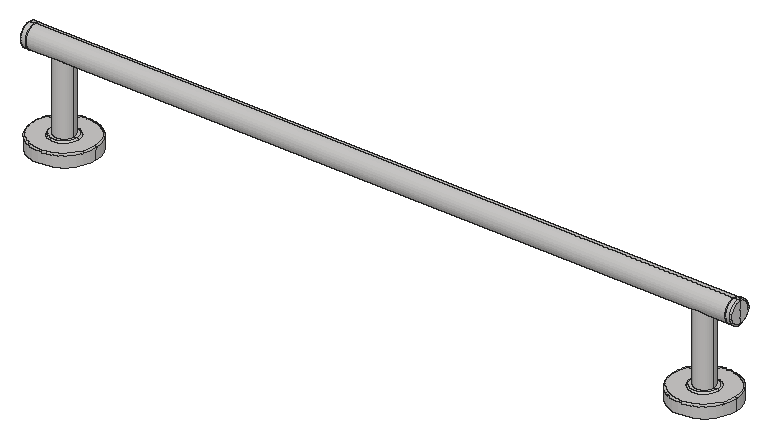
Revit family "PRD_FrankeWS_TwlRls_MEDIUSIndividualTowelRail_MEDX001HP", category Specialty Equipment, host Face, Revit 2018
Family settings
  Host = Face
  Round Connector Dimension = Use Diameter
  Part Type = Normal
  OmniClass Number = 23.40.20.21.27
  OmniClass Title = Towel Bars
  Cut with Voids When Loaded = No
  Shared = No
  Room Calculation Point = No
Parameters (values of type "MEDX001HP")
  WarrantyStartDate [instance] = "1900-12-31T23:59:59"
  WarrantyGuarantorParts = "n/a"
  WarrantyGuarantorLabor = "n/a"
  WarrantyDurationUnit = "year"
  WarrantyDurationParts = "n/a"
  WarrantyDurationLabor = "n/a"
  WarrantyDescription = "n/a"
  Version = "1"
  Uniclass2015Version = "Products v1.17"
  Uniclass2015Title = "Towel rails"
  Uniclass2015Code = "Pr_40_20_76_90"
  URL = "www.kwc.com"
  TypeOfMounting = "Wall mounting"
  TypeOfFixing = "Screw"
  TagNumber [instance] = "n/a"
  SustainabilityPerformance = "n/a"
  Style = "Rail"
  Size = "600 x 54 x 85 mm"
  Shape = "n/a"
  SerialNumber [instance] = "n/a"
  Revision = "n/a"
  ReplacementCost = "n/a"
  RailMaterial = PRD_AR_StainlessSteel_HighPolished
  ProductInformation = "https://pim.kwc.com/product/2000106243/attachment/datasheet?locale=en"
  NominalWidth = 600.00 mm
  NominalHeight = 54.00 mm
  NominalDepth = 85.00 mm
  NetWeight = 0.29 kg
  Name = "Individual Towel Rail MEDX001HP"
  NBSTypeID = "n/a"
  NBSReference = "45-35-72/372"
  NBSOfficeMasterTag = "n/a"
  NBSNote = "n/a"
  NBSDescription = "Towel rails"
  NBSCertification = "n/a"
  ModelReference = "MEDX001HP"
  ModelNumber = "2000106243"
  Model = ModelReference  # "MEDX001HP"
  MaterialCode = "1.4301"
  Material = "stainless steel"
  ManufacturerURL = "www.kwc.com"
  ManufacturerName = "KWC Group AG"  # constant formula
  Manufacturer = ManufacturerName  # "KWC Group AG"
  MainColor = "stainless steel"
  IsBuiltIn = "TRUE"
  IntegralAccessories = "incl. stainless steel screws and dowels"
  InstallationDate [instance] = "1900-12-31T23:59:59"
  IfcExportType = "USERDEFINED"
  IfcExportAs = "IfcFurnitureType"
  GrossWeight = 0.44 kg
  Grade = "n/a"
  Finish = "high polished"
  Features = "stainless steel, surface high polished"
  ExpectedLife = "n/a"
  DurationUnit = "year"
  Description = "Single towel rail for wall mounting, 304 stainless steel, round covers to conceal the fixing of screws, inclusive stainless steel screws and dowels."
  Default Elevation = 1200.00 mm
  CreateOn = "05/2020"  # constant formula
  Constituents = "n/a"
  Color = "n/a"
  CodePerformance = "n/a"
  Category = "Pr_40_20_76_90, Towel rails"
  BarCode [instance] = "n/a"
  BIMObjectName = "PRD_AR_TowelRails_MEDIUSIndividualTowelRail_MEDX001HP"
  Author = "Archispace"  # constant formula
  AssetType = "Fixed"
  AssetIdentifier [instance] = "n/a"
  AccessibilityPerformance = "n/a"
Reference planes
  plane 1 "Center (Front/Back)": y = 0
  plane 2: z = 0
  plane 3 "Center (Left/Right)": x = 0
  plane 4: through (0, 126.53, 100.48) normal (0, -0.7071, 0.7071)
  plane 5: through (0, -10.935, 59.177) normal (0, -0.1736, 0.9848)
  plane 6: x = -300
  plane 7: x = 300
  plane 8: x = 270
  plane 9: x = -270
Forms (mm)
  Extrusion 1, solid, material "PRD_AR_StainlessSteel_HighPolished" <- "RailMaterial", detail levels fine
    sketch origin (0, 0, 0) x (1, 0, 0) y (0, 1, 0)
      loop
        circle (-270, 0) r 27
      loop
        circle (270, 0) r 27
    from 0 to 10
  Sweep 2, solid, material "PRD_AR_StainlessSteel_HighPolished" <- "RailMaterial", detail levels fine
    path origin (0, 0, 5) x (1, 0, 0) y (0, 0, 1)
      loop
        line (-295, 70.5) -> (295, 70.5)
    profile origin (0, 0, 75.5) x (0, 0, 1) y (0, -1, 0)
      loop
        circle (0, 0) r 9.5
  Extrusion 3, solid, material "PRD_AR_StainlessSteel_HighPolished" <- "RailMaterial", detail levels medium
    sketch origin (0, 0, 0) x (1, 0, 0) y (0, 1, 0)
      loop
        circle (-270, 0) r 27
      loop
        circle (270, 0) r 27
    from 0 to 10
  Sweep 4, void
    path in 3D
      loop
        arc (-243, 0, 10) -> (-270, -27, 10) -> (-297, 0, 10) r 27
        arc (-297, 0, 10) -> (-270, 27, 10) -> (-243, 0, 10) r 27
    profile origin (-270, 27, 10) x (0, 1, 0) y (0, 0, 1)
      loop
        line (0, 0) -> (-1, 0)
        arc (-1, 0) -> (-0.293, -0.293) -> (0, -1) r 1
        line (0, -1) -> (0, 0)
  Sweep 5, void
    path in 3D
      loop
        arc (243, 0, 10) -> (270, 27, 10) -> (297, 0, 10) r 27
        arc (297, 0, 10) -> (270, -27, 10) -> (243, 0, 10) r 27
    profile origin (270, -27, 10) x (0, -1, 0) y (0, 0, 1)
      loop
        line (0, 0) -> (-1, 0)
        arc (-1, 0) -> (-0.293, -0.293) -> (0, -1) r 1
        line (0, -1) -> (0, 0)
  Extrusion 6, solid, material "PRD_AR_StainlessSteel_HighPolished" <- "RailMaterial", detail levels coarse
    sketch origin (0, 0, 0) x (1, 0, 0) y (0, 1, 0)
      loop
        line (-300, 27) -> (-300, -27) -> (300, -27) -> (300, 27) -> (-300, 27)
    from 0 to 85
  Revolve 7, solid, material "PRD_AR_StainlessSteel_HighPolished" <- "RailMaterial", detail levels fine
    sketch origin (0, 0, 5) x (1, 0, 0) y (0, 0, 1)
      loop
        line (-295, 70.5) -> (-295, 80) -> (-299, 80)
        arc (-299, 80) -> (-299.707, 79.707) -> (-300, 79) r 1
        line (-300, 79) -> (-300, 70.5) -> (-295, 70.5)
      loop
        line (295, 70.5) -> (300, 70.5) -> (300, 79)
        arc (300, 79) -> (299.707, 79.707) -> (299, 80) r 1
        line (299, 80) -> (295, 80) -> (295, 70.5)
      axis (-300, 70.5) -> (300, 70.5)
    angle from 0 to 360
  Sweep 8, solid, material "PRD_AR_StainlessSteel_HighPolished" <- "RailMaterial", detail levels fine
    path origin (0, 0, 5) x (1, 0, 0) y (0, 0, 1)
      loop
        line (0, 6) -> (0, 70.5)
    profile origin (0, 0, 43.25) x (-1, 0, 0) y (0, -1, 0)
      loop
        circle (270, 0) r 8
      loop
        circle (-270, 0) r 8
  Revolve 9, solid, material "PRD_AR_StainlessSteel_HighPolished" <- "RailMaterial", detail levels fine
    sketch origin (0, 0, 0) x (1, 0, 0) y (0, 0, 1)
      loop
        line (-270, 10) -> (-270, 11) -> (-281, 11) -> (-282, 10) -> (-270, 10)
      axis (-270, 11) -> (-270, 10)
    angle from 0 to 360
  Revolve 10, solid, material "PRD_AR_StainlessSteel_HighPolished" <- "RailMaterial", detail levels fine
    sketch origin (0, 0, 0) x (-1, 0, 0) y (0, 0, 1)
      loop
        line (-270, 10) -> (-270, 11) -> (-281, 11) -> (-282, 10) -> (-270, 10)
      axis (-270, 11) -> (-270, 10)
    angle from 0 to 360
  Sweep 11, solid, material "PRD_AR_StainlessSteel_HighPolished" <- "RailMaterial", detail levels medium
    path origin (0, 0, 5) x (1, 0, 0) y (0, 0, 1)
      loop
        line (-300, 70.5) -> (300, 70.5)
    profile origin (0, 0, 75.5) x (0, 0, 1) y (0, -1, 0)
      loop
        circle (0, 0) r 9.5
  Sweep 12, solid, material "PRD_AR_StainlessSteel_HighPolished" <- "RailMaterial", detail levels medium
    path origin (0, 0, 5) x (1, 0, 0) y (0, 0, 1)
      loop
        line (0, 5) -> (0, 70.5)
    profile origin (0, 0, 42.75) x (-1, 0, 0) y (0, -1, 0)
      loop
        circle (270, 0) r 8
      loop
        circle (-270, 0) r 8
Cuts and joins
  Sweep 4, Sweep 5 cuts Extrusion 1
  joined: Sweep 2, Sweep 8
  joined: Sweep 11, Sweep 12
Lines and regions (mm)
  sketch lines
    curve 1: arc (-297, 0, 10) -> (-270, 27, 10) -> (-243, 0, 10) r 27
    curve 2: arc (-243, 0, 10) -> (-270, -27, 10) -> (-297, 0, 10) r 27
    curve 3: arc (297, 0, 10) -> (270, -27, 10) -> (243, 0, 10) r 27
    curve 4: arc (243, 0, 10) -> (270, 27, 10) -> (297, 0, 10) r 27
Dimensions and locks
  plane 6 to plane 3 "Center (Left/Right)" = 300.00 mm
  plane 3 "Center (Left/Right)" to plane 7 = 300.00 mm
  plane 9 to plane 3 "Center (Left/Right)" = 270.00 mm
  plane 3 "Center (Left/Right)" to plane 8 = 270.00 mm
  aligned and locked: plane 2 to host face
  aligned and locked: level to host face
